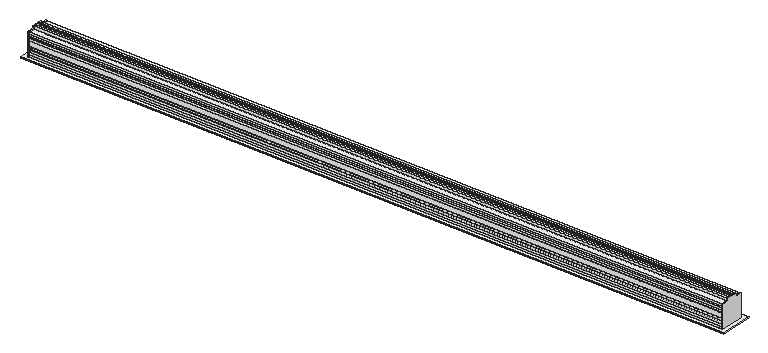
Revit family "STH20991BR_27_40_STH20991PTO_27", category Luminárias, Revit 2023
Family settings
  Hospedeiro = Forro
  Cota do conector redondo = Utilizar diâmetro
  Tipo de parte = Normal
  Número OmniClass = 23.80.70.11
  Título OmniClass = Luminaries for Internal Lighting
  Sempre na vertical = Sim
  Corte com vazios quando carregada = Não
  Fonte luminosa = Sim
  Manter orientação da anotação = Não
  Compartilhado = Não
  Ponto de cálculo do ambiente = Não
Parameters (values of type "STH20991BR/27 - BRANCO - 1m - 2700K - 1000lm - 100°")
  Ângulo de inclinação = 90.00°
  Ângulo de Abertura = "100°"
  Wattage = 6.7321 W
  URL = "https://stella.com.br/"
  Tensão Elétrica = "24V"
  Temperatura da cor (K) = 2700 K
  Referência = "STH20991BR/27 - BRANCO - 1m"
  Potência = 23 W
  built-in parameter 1150110 = 1 (stored number, unit not read)
  Modelo = "Archi"
  Luminoso = Luminoso - 2700K
  Largura = 0.046 m
  IRC (Índice de reprodução de cores) = ">93 (R9 >60)"
  Grau de proteção (IP) = "IP20"
  Fluxo Luminoso = 1000 lm
  built-in parameter 1114217 = 1 (stored number, unit not read)
  built-in parameter 1150109 = 1 (stored number, unit not read)
  Fabricante = "Stella"
  Estrutura = Al - Branco
  Elevação padrão = 0.00 m
  Dimerização = "Não dimerizável"
  built-in parameter 1150134 = (empty or 0)
  built-in parameter 1150113 = 1 (stored number, unit not read)
  Lumens = 1000 lm
  built-in parameter 1150115 = 1 (stored number, unit not read)
  built-in parameter 1150105 = 472.69 (stored number, unit not read)
  built-in parameter 1150137 = (empty or 0)
  built-in parameter 1150139 = (empty or 0)
  built-in parameter 1150112 = 1 (stored number, unit not read)
  built-in parameter 1150114 = 1 (stored number, unit not read)
  built-in parameter 1150132 = 2
  built-in parameter 1150102 = (empty or 0)
  built-in parameter 1150138 = (empty or 0)
  built-in parameter 1150107 = 2700 (stored number, unit not read)
  built-in parameter 1150106 = 4.7269 (stored number, unit not read)
  built-in parameter 1150104 = 13.8 (stored number, unit not read)
  Dimming Lamp Color Temperature Shift = (empty or 0)
  Color Filter = 16777215
  built-in parameter 1114218 = 1 (stored number, unit not read)
  Comprimento = 1.018 m
  Arquivo de rede fotométrica = "STELLA - STH20991BR-27 - PERFIL DE EMBUTIR RECUADO - ARCHI.ies"
  Altura = 0.036 m
  built-in parameter 1150133 = 10 (stored number, unit not read)
Types (4, lengths in m): name | Ângulo de Abertura | Wattage | Temperatura da cor (K) | Referência | Potência | Luminoso | Fluxo Luminoso | Estrutura | built-in parameter 1150134 | Lumens | built-in parameter 1150105 | built-in parameter 1150107 | built-in parameter 1150106 | Arquivo de rede fotométrica
  (no name) | "100°" | 6.7321 W | 2700 K | "STH20991BR/27 - BRANCO - 1m" | 23 W | Luminoso - 2700K | 1000 lm | Al - Branco | (empty or 0) | 1000 lm | 472.69 (stored number, unit not read) | 2700 (stored number, unit not read) | 4.7269 (stored number, unit not read) | "STELLA - STH20991BR-27 - PERFIL DE EMBUTIR RECUADO - ARCHI.ies"
  STH20991BR/27 - BRANCO - 1m - 2700K - 1000lm - 100° | "100°" | 6.7321 W | 2700 K | "STH20991BR/27 - BRANCO - 1m" | 23 W | Luminoso - 2700K | 1000 lm | Al - Branco | (empty or 0) | 1000 lm | 472.69 (stored number, unit not read) | 2700 (stored number, unit not read) | 4.7269 (stored number, unit not read) | "STELLA - STH20991BR-27 - PERFIL DE EMBUTIR RECUADO - ARCHI.ies"
  STH20991BR/40 - BRANCO - 1m - 4000K - 1000lm - 100° | "100°" | 6.7321 W | 4000 K | "STH20991BR/40 - BRANCO - 1m" | 23 W | Luminoso - 4000K | 1000 lm | Al - Branco | 12 | 1000 lm | 472.69 (stored number, unit not read) | 4000 (stored number, unit not read) | 4.7269 (stored number, unit not read) | "STELLA - STH20991BR-40 - PERFIL DE EMBUTIR RECUADO - ARCHI.ies"
  STH20991PTO/27 - PRETO - 1m - 2700K - 750lm - 90° | "90°" | 5.04908 W | 2700 K | "STH20991PTO/27 - PRETO - 1m" | 28 W | Luminoso - 2700K | 750 lm | Al - Preto | (empty or 0) | 750 lm | 347.65 (stored number, unit not read) | 2700 (stored number, unit not read) | 3.4765 (stored number, unit not read) | "STELLA - STH20991PTO-27 - ARCHI - PERFIL DE EMBUTIR RECUADO 24V .ies"
Reference planes (m)
  plane 1 "Eixo de origem da luz (F/T)": y = 0
  plane 2 "Forro": z = 2.4384
  plane 3 "Eixo de origem da luz (E/D)": x = 0
  plane 4 "Elevação da origem da luz": z = 2.43098
  plane 5: y = 0.023
  plane 6: y = -0.023
  plane 7: x = -0.509
  plane 8: x = 0.509
  plane 9 "Inferior": z = 2.4374
  plane 10 "Superior": z = 2.4734
  plane 11 "Base": z = 2.4384
  plane 12 "Conector": z = 2.4682
Forms (m)
  Extrusion 1, solid, material "Luminoso - 2700K" <- "Luminoso"
    sketch origin (0, -0.000002, 0) x (0, 1, 0) y (0, 0, 1)
      loop
        line (-0.013896, 2.448205) -> (-0.013896, 2.447123) -> (-0.015125, 2.447123)
        spline (-0.015125, 2.447123) -> (-0.015198, 2.447106) -> (-0.015266, 2.447056) -> (-0.015325, 2.446976) -> (-0.01537, 2.446873) -> (-0.015398, 2.446752) -> (-0.015408, 2.446623) -> (-0.015398, 2.446493) -> (-0.01537, 2.446373) -> (-0.015325, 2.446269) -> (-0.015266, 2.44619) -> (-0.015198, 2.44614) -> (-0.015125, 2.446123)
        line (-0.015125, 2.446123) -> (0.01513, 2.446123)
        spline (0.01513, 2.446123) -> (0.015203, 2.44614) -> (0.015271, 2.44619) -> (0.01533, 2.446269) -> (0.015375, 2.446373) -> (0.015403, 2.446493) -> (0.015413, 2.446623) -> (0.015403, 2.446752) -> (0.015375, 2.446873) -> (0.01533, 2.446976) -> (0.015271, 2.447056) -> (0.015203, 2.447106) -> (0.01513, 2.447123)
        line (0.01513, 2.447123) -> (0.013901, 2.447123) -> (0.013901, 2.448205)
        arc (0.013901, 2.448205) -> (0.014005, 2.448619) -> (0.014292, 2.448934) r 0.000875
        arc (0.014292, 2.448934) -> (0.014477, 2.449296) -> (0.01454, 2.449698) r 0.0013
        arc (0.01454, 2.449698) -> (0.014387, 2.450325) -> (0.013991, 2.450834) r 0.001541
        arc (0.013991, 2.450834) -> (0.013288, 2.450906) -> (0.013216, 2.450203) r 0.0005
        spline (0.013216, 2.450203) -> (0.013399, 2.450003) -> (0.013503, 2.449849) -> (0.013544, 2.449728) -> (0.013537, 2.449626) -> (0.013495, 2.449538) -> (0.013432, 2.449459) -> (0.013358, 2.449383) -> (0.013268, 2.449301) -> (0.013157, 2.449203) -> (0.013026, 2.449082) -> (0.012918, 2.44895) -> (0.012901, 2.44883)
        line (0.012901, 2.44883) -> (0.012901, 2.447123) -> (-0.012896, 2.447123) -> (-0.012896, 2.44883)
        spline (-0.012896, 2.44883) -> (-0.012913, 2.44895) -> (-0.013021, 2.449082) -> (-0.013152, 2.449203) -> (-0.013263, 2.449301) -> (-0.013353, 2.449383) -> (-0.013427, 2.449459) -> (-0.01349, 2.449538) -> (-0.013532, 2.449626) -> (-0.013539, 2.449728) -> (-0.013498, 2.449849) -> (-0.013394, 2.450003) -> (-0.013211, 2.450203)
        arc (-0.013211, 2.450203) -> (-0.013283, 2.450906) -> (-0.013986, 2.450834) r 0.0005
        arc (-0.013986, 2.450834) -> (-0.014382, 2.450325) -> (-0.014535, 2.449698) r 0.001541
        arc (-0.014535, 2.449698) -> (-0.014472, 2.449296) -> (-0.014287, 2.448934) r 0.0013
        arc (-0.014287, 2.448934) -> (-0.014, 2.448619) -> (-0.013896, 2.448205) r 0.000875
    from -0.5025 to 0.5025
  Extrusion 2, void
    sketch origin (0, -0.000002, 0) x (0, 1, 0) y (0, 0, 1)
      loop
        line (-0.016548, 2.440964) -> (-0.016548, 2.444841) -> (-0.017284, 2.445153) -> (-0.017284, 2.440651) -> (-0.016548, 2.440964)
      loop
        line (-0.016185, 2.452164) -> (-0.017284, 2.452458) -> (-0.017284, 2.447973) -> (-0.016185, 2.448267) -> (-0.016185, 2.452164)
      loop
        line (-0.016548, 2.462468) -> (-0.017284, 2.462812) -> (-0.017284, 2.459247) -> (-0.016548, 2.459591) -> (-0.016548, 2.462468)
      loop
        line (-0.016548, 2.465232) -> (-0.016548, 2.468109) -> (-0.017284, 2.468453) -> (-0.017284, 2.464888) -> (-0.016548, 2.465232)
      loop
        line (0.016552, 2.440964) -> (0.017289, 2.440651) -> (0.017289, 2.445153) -> (0.016552, 2.444841) -> (0.016552, 2.440964)
      loop
        line (0.01619, 2.452164) -> (0.01619, 2.448267) -> (0.017289, 2.447973) -> (0.017289, 2.452458) -> (0.01619, 2.452164)
      loop
        line (0.016552, 2.462468) -> (0.016552, 2.459591) -> (0.017289, 2.459247) -> (0.017289, 2.462812) -> (0.016552, 2.462468)
      loop
        line (0.016552, 2.465232) -> (0.017289, 2.464888) -> (0.017289, 2.468453) -> (0.016552, 2.468109) -> (0.016552, 2.465232)
    from -0.504 to 0.504
  Extrusion 3, solid, material "Al - Branco" <- "Estrutura"
    sketch origin (0, -0.000002, 0) x (0, 1, 0) y (0, 0, -1)
      loop
        line (0.016952, -2.4384) -> (-0.016948, -2.4384) -> (-0.016948, -2.4706) -> (-0.006598, -2.4706) -> (-0.006598, -2.47425) -> (0.006602, -2.47425) -> (0.006602, -2.4706) -> (0.016952, -2.4706) -> (0.016952, -2.4384)
    from 0.5025 to 0.504
  Extrusion 4, solid, material "Al - Branco" <- "Estrutura"
    sketch origin (0, -0.000002, 2.43098) x (0, -1, 0) y (1, 0, 0)
      loop
        line (-0.022652, -0.5096) -> (0.022648, -0.5096) -> (0.022648, 0.5096) -> (-0.022652, 0.5096) -> (-0.022652, -0.5096)
      loop
        line (0.015548, 0.5025) -> (-0.015552, 0.5025) -> (-0.015552, -0.5025) -> (0.015548, -0.5025) -> (0.015548, 0.5025)
    from 0.00642 to 0.00742
  Extrusion 5, void
    sketch origin (0, -0.000002, 2.43098) x (0, -1, 0) y (1, 0, 0)
      loop
        line (-0.022652, -0.5096) -> (0.022648, -0.5096) -> (0.022648, 0.5096) -> (-0.022652, 0.5096) -> (-0.022652, -0.5096)
    from 0.00642 to 0.04327
  Extrusion 6, solid, material "Al - Branco" <- "Estrutura"
    sketch origin (0, 0, 0) x (0, 1, 0) y (0, 0, 1)
      loop
        line (-0.01555, 2.4384) -> (-0.01555, 2.446706)
        arc (-0.01555, 2.446706) -> (-0.015385, 2.447105) -> (-0.014985, 2.447271) r 0.000565
        arc (-0.014985, 2.447271) -> (-0.014557, 2.447362) -> (-0.014202, 2.447619) r 0.001053
        arc (-0.014202, 2.447619) -> (-0.014037, 2.448117) -> (-0.014202, 2.448615) r 0.000834
        arc (-0.014202, 2.448615) -> (-0.014536, 2.449093) -> (-0.014687, 2.449655) r 0.001689
        arc (-0.014687, 2.449655) -> (-0.014536, 2.45032) -> (-0.014162, 2.450891) r 0.001917
        arc (-0.014162, 2.450891) -> (-0.013719, 2.451161) -> (-0.013199, 2.451178) r 0.001024
        spline (-0.013199, 2.451178) -> (-0.013133, 2.451199) -> (-0.013072, 2.451259) -> (-0.013019, 2.451355) -> (-0.012978, 2.45148) -> (-0.012953, 2.451625) -> (-0.012944, 2.451781) -> (-0.012953, 2.451937) -> (-0.012978, 2.452083) -> (-0.013019, 2.452208) -> (-0.013072, 2.452304) -> (-0.013133, 2.452364) -> (-0.013199, 2.452384)
        arc (-0.013199, 2.452384) -> (-0.013632, 2.452366) -> (-0.01405, 2.452255) r 0.002001
        arc (-0.01405, 2.452255) -> (-0.014656, 2.452565) -> (-0.0149, 2.4532) r 0.00095
        arc (-0.0149, 2.4532) -> (-0.014441, 2.454013) -> (-0.013507, 2.454041) r 0.00095
        arc (-0.013507, 2.454041) -> (-0.012967, 2.454208) -> (-0.013135, 2.454749) r 0.0004
        arc (-0.013135, 2.454749) -> (-0.013614, 2.454917) -> (-0.014121, 2.454942) r 0.00175
        line (-0.014121, 2.454942) -> (-0.01545, 2.454942) -> (-0.01545, 2.4682) -> (0.01545, 2.4682) -> (0.01545, 2.454942) -> (0.014121, 2.454942)
        arc (0.014121, 2.454942) -> (0.013614, 2.454917) -> (0.013135, 2.454749) r 0.00175
        arc (0.013135, 2.454749) -> (0.012967, 2.454208) -> (0.013507, 2.454041) r 0.0004
        arc (0.013507, 2.454041) -> (0.014441, 2.454013) -> (0.0149, 2.4532) r 0.00095
        arc (0.0149, 2.4532) -> (0.014656, 2.452565) -> (0.01405, 2.452255) r 0.00095
        arc (0.01405, 2.452255) -> (0.013632, 2.452366) -> (0.013199, 2.452384) r 0.002001
        spline (0.013199, 2.452384) -> (0.01313, 2.452362) -> (0.013065, 2.452295) -> (0.013011, 2.452189) -> (0.012971, 2.452053) -> (0.012949, 2.451895) -> (0.012945, 2.45173) -> (0.012961, 2.451568) -> (0.012994, 2.451422) -> (0.013044, 2.451304) -> (0.013105, 2.451221) -> (0.013173, 2.451182) -> (0.013243, 2.451187)
        arc (0.013243, 2.451187) -> (0.01374, 2.451154) -> (0.014162, 2.450891) r 0.001024
        arc (0.014162, 2.450891) -> (0.014536, 2.45032) -> (0.014687, 2.449655) r 0.001917
        arc (0.014687, 2.449655) -> (0.014536, 2.449093) -> (0.014202, 2.448615) r 0.001689
        arc (0.014202, 2.448615) -> (0.014037, 2.448117) -> (0.014202, 2.447619) r 0.000834
        arc (0.014202, 2.447619) -> (0.014557, 2.447362) -> (0.014985, 2.447271) r 0.001053
        arc (0.014985, 2.447271) -> (0.015385, 2.447105) -> (0.01555, 2.446706) r 0.000565
        line (0.01555, 2.446706) -> (0.01555, 2.4384) -> (0.01695, 2.4384) -> (0.01695, 2.4706) -> (0.0066, 2.4706) -> (0.0066, 2.47425) -> (0.003354, 2.47425) -> (0.002601, 2.47355) -> (0.002601, 2.47275) -> (0.00525, 2.47275) -> (0.00525, 2.47045) -> (-0.00525, 2.47045) -> (-0.00525, 2.47275) -> (-0.002601, 2.47275) -> (-0.002601, 2.47355) -> (-0.003354, 2.47425) -> (-0.0066, 2.47425) -> (-0.0066, 2.4706) -> (-0.01695, 2.4706) -> (-0.01695, 2.4384) -> (-0.01555, 2.4384)
    from -0.5025 to 0.5025
  Extrusion 7, solid, material "Al - Branco" <- "Estrutura"
    sketch origin (0, -0.000002, 0) x (0, 1, 0) y (0, 0, 1)
      loop
        line (0.016952, 2.4384) -> (0.016952, 2.4706) -> (0.006602, 2.4706) -> (0.006602, 2.47425) -> (-0.006598, 2.47425) -> (-0.006598, 2.4706) -> (-0.016948, 2.4706) -> (-0.016948, 2.4384) -> (0.016952, 2.4384)
    from 0.5025 to 0.504
Cuts and joins
  Extrusion 2 cuts Extrusion 3
  joined: Extrusion 3, Extrusion 4
  Extrusion 2 cuts Extrusion 6
  Extrusion 2 cuts Extrusion 7
Dimensions and locks (m)
  equal spacing: host sketch curve, plane 3 "Eixo de origem da luz (E/D)", host sketch curve
  equal spacing: host sketch curve, plane 1 "Eixo de origem da luz (F/T)", host sketch curve
  host sketch curve to host sketch curve = 1.028 m
  host sketch curve to host sketch curve = 0.056 m
  "Altura": plane 10 "Superior" to plane 9 "Inferior"
  "Comprimento": plane 7 to plane 8
  "Largura": plane 5 to plane 6
  aligned and locked: plane 4 "Elevação da origem da luz" to imposter light
  aligned and locked: host ceiling to Extrusion 4
  aligned and locked: Extrusion 4 to plane 9 "Inferior"
  aligned and locked: cut or joined group of Extrusion 2, Extrusion 6 to Extrusion 1
  aligned and locked: Extrusion 1 to cut or joined group of Extrusion 2, Extrusion 3, Extrusion 4
Automatic sketch dimensions
  plane 6 to Extrusion 2 sketch curve = 0.005714 m  (x3)
  Extrusion 2 sketch curve to Extrusion 2 sketch curve = 0.00 m  (x2)
  Extrusion 2 sketch curve to Extrusion 2 sketch curve = 0.000736 m  (x6)
  plane 2 "Forro" to Extrusion 2 sketch curve = 0.002564 m  (x2)
  Extrusion 2 sketch curve to Extrusion 2 sketch curve = 0.001099 m  (x2)
  Extrusion 2 sketch curve to plane 5 = 0.006812 m
  Extrusion 2 sketch curve to plane 5 = 0.00645 m  (x2)
  Extrusion 2 sketch curve to Extrusion 2 sketch curve = 0.000313 m  (x4)
  Extrusion 2 sketch curve to Extrusion 2 sketch curve = 0.003877 m  (x2)
  Extrusion 2 sketch curve to Extrusion 2 sketch curve = 0.00282 m  (x2)
  Extrusion 2 sketch curve to Extrusion 2 sketch curve = 0.000294 m  (x4)
  Extrusion 2 sketch curve to Extrusion 2 sketch curve = 0.003896 m  (x2)
  Extrusion 2 sketch curve to Extrusion 2 sketch curve = 0.006789 m  (x2)
  Extrusion 2 sketch curve to Extrusion 2 sketch curve = 0.000343 m  (x8)
  Extrusion 2 sketch curve to Extrusion 2 sketch curve = 0.002878 m  (x4)
  Extrusion 2 sketch curve to Extrusion 2 sketch curve = 0.002076 m  (x2)
  Extrusion 3 sketch curve to plane 2 "Forro" = 0.00 m
  plane 6 to Extrusion 3 sketch curve = 0.00605 m
  Extrusion 3 sketch curve to plane 10 "Superior" = 0.0028 m  (x2)
  plane 1 "Eixo de origem da luz (F/T)" to Extrusion 3 sketch curve = 0.0066 m
  plane 10 "Superior" to Extrusion 3 sketch curve = 0.00085 m
  Extrusion 3 sketch curve to plane 1 "Eixo de origem da luz (F/T)" = 0.0066 m
  Extrusion 3 sketch curve to plane 5 = 0.00605 m
  Extrusion 4 sketch curve to plane 5 = 0.00035 m
  Extrusion 4 sketch curve to plane 5 = 0.00745 m
  plane 6 to Extrusion 4 sketch curve = 0.00745 m
  plane 6 to Extrusion 4 sketch curve = 0.00035 m
  Extrusion 4 sketch curve to plane 7 = 0.0006 m
  plane 7 to Extrusion 4 sketch curve = 0.0065 m
  Extrusion 4 sketch curve to plane 8 = 0.0065 m
  plane 8 to Extrusion 4 sketch curve = 0.0006 m
  Extrusion 5 sketch curve to plane 5 = 0.00035 m
  plane 6 to Extrusion 5 sketch curve = 0.00035 m
  Extrusion 5 sketch curve to plane 7 = 0.0006 m
  plane 8 to Extrusion 5 sketch curve = 0.0006 m
  Extrusion 6 sketch curve to Extrusion 6 sketch curve = 0.00 m  (x19)
  Extrusion 6 sketch curve to plane 2 "Forro" = 0.00 m  (x2)
  Extrusion 6 sketch curve to plane 10 "Superior" = 0.0028 m  (x2)
  plane 6 to Extrusion 6 sketch curve = 0.00605 m
  Extrusion 6 sketch curve to Extrusion 6 sketch curve = 0.0014 m
  plane 6 to Extrusion 6 sketch curve = 0.00755 m
  Extrusion 6 sketch curve to Extrusion 6 sketch curve = 0.000565 m
  Extrusion 6 sketch curve to Extrusion 6 sketch curve = 0.000114 m  (x2)
  Extrusion 6 sketch curve to Extrusion 6 sketch curve = 0.001329 m  (x2)
  Extrusion 6 sketch curve to Extrusion 6 sketch curve = 0.000171 m
  Extrusion 6 sketch curve to Extrusion 6 sketch curve = 0.00156 m
  Extrusion 6 sketch curve to Extrusion 6 sketch curve = 0.000094 m  (x2)
  Extrusion 6 sketch curve to Extrusion 6 sketch curve = 0.0008 m  (x2)
  Extrusion 6 sketch curve to Extrusion 6 sketch curve = 0.000421 m
  Extrusion 6 sketch curve to Extrusion 6 sketch curve = 0.000233 m  (x2)
  plane 10 "Superior" to Extrusion 6 sketch curve = 0.00085 m  (x2)
  plane 1 "Eixo de origem da luz (F/T)" to Extrusion 6 sketch curve = 0.0066 m
  Extrusion 6 sketch curve to Extrusion 6 sketch curve = 0.00135 m  (x2)
  Extrusion 6 sketch curve to Extrusion 6 sketch curve = 0.001896 m  (x2)
  plane 10 "Superior" to Extrusion 6 sketch curve = 0.00015 m  (x2)
  Extrusion 6 sketch curve to Extrusion 6 sketch curve = 0.000754 m  (x2)
  Extrusion 6 sketch curve to plane 10 "Superior" = 0.00065 m  (x2)
  Extrusion 6 sketch curve to plane 1 "Eixo de origem da luz (F/T)" = 0.002601 m
  Extrusion 6 sketch curve to plane 5 = 0.010229 m
  Extrusion 6 sketch curve to Extrusion 6 sketch curve = 0.000317 m
  Extrusion 6 sketch curve to Extrusion 6 sketch curve = 0.000327 m
  Extrusion 6 sketch curve to Extrusion 6 sketch curve = 0.000629 m
  Extrusion 6 sketch curve to Extrusion 6 sketch curve = 0.001866 m
  Extrusion 6 sketch curve to plane 5 = 0.00745 m
  Extrusion 6 sketch curve to Extrusion 6 sketch curve = 0.0015 m
  plane 2 "Forro" to Extrusion 6 sketch curve = 0.008306 m  (x2)
  Extrusion 6 sketch curve to Extrusion 6 sketch curve = 0.000847 m  (x2)
  Extrusion 6 sketch curve to Extrusion 6 sketch curve = 0.000207 m  (x2)
  Extrusion 6 sketch curve to Extrusion 6 sketch curve = 0.001247 m  (x2)
  Extrusion 6 sketch curve to Extrusion 6 sketch curve = 0.000236 m  (x2)
  Extrusion 6 sketch curve to Extrusion 6 sketch curve = 0.000373 m  (x2)
  Extrusion 6 sketch curve to Extrusion 6 sketch curve = 0.000208 m  (x2)
  Extrusion 6 sketch curve to Extrusion 6 sketch curve = 0.002812 m  (x2)
  Extrusion 6 sketch curve to Extrusion 6 sketch curve = 0.001195 m  (x2)
  Extrusion 6 sketch curve to Extrusion 6 sketch curve = 0.000547 m
  Extrusion 6 sketch curve to Extrusion 6 sketch curve = 0.001742 m
  Extrusion 6 sketch curve to plane 10 "Superior" = 0.0052 m
  Extrusion 6 sketch curve to Extrusion 6 sketch curve = 0.0023 m
  Extrusion 6 sketch curve to Extrusion 6 sketch curve = 0.00095 m
  Extrusion 6 sketch curve to Extrusion 6 sketch curve = 0.000298 m
  Extrusion 6 sketch curve to Extrusion 6 sketch curve = 0.000668 m  (x4)
  Extrusion 6 sketch curve to Extrusion 6 sketch curve = 0.000831 m
  Extrusion 6 sketch curve to Extrusion 6 sketch curve = 0.0001 m
  Extrusion 6 sketch curve to Extrusion 6 sketch curve = 0.000132 m
  Extrusion 6 sketch curve to Extrusion 6 sketch curve = 0.000751 m
  Extrusion 6 sketch curve to Extrusion 6 sketch curve = 0.000044 m
  Extrusion 6 sketch curve to Extrusion 6 sketch curve = 0.00085 m
  Extrusion 6 sketch curve to Extrusion 6 sketch curve = 0.000919 m
  Extrusion 6 sketch curve to Extrusion 6 sketch curve = 0.000485 m
  Extrusion 6 sketch curve to Extrusion 6 sketch curve = 0.000594 m
  Extrusion 7 sketch curve to plane 2 "Forro" = 0.00 m
  plane 6 to Extrusion 7 sketch curve = 0.00605 m
  Extrusion 7 sketch curve to plane 10 "Superior" = 0.0028 m  (x2)
  plane 1 "Eixo de origem da luz (F/T)" to Extrusion 7 sketch curve = 0.0066 m
  plane 10 "Superior" to Extrusion 7 sketch curve = 0.00085 m
  Extrusion 7 sketch curve to plane 1 "Eixo de origem da luz (F/T)" = 0.0066 m
  Extrusion 7 sketch curve to plane 5 = 0.00605 m
  plane 6 to Extrusion 1 sketch curve = 0.007872 m
  Extrusion 1 sketch curve to Extrusion 1 sketch curve = 0.000354 m  (x2)
  Extrusion 1 sketch curve to Extrusion 1 sketch curve = 0.001229 m
  Extrusion 1 sketch curve to Extrusion 1 sketch curve = 0.000297 m
  Extrusion 1 sketch curve to Extrusion 1 sketch curve = 0.000363 m
  Extrusion 1 sketch curve to Extrusion 1 sketch curve = 0.000388 m  (x3)
  Extrusion 1 sketch curve to Extrusion 1 sketch curve = 0.000241 m  (x2)
  Extrusion 1 sketch curve to Extrusion 1 sketch curve = 0.001 m  (x4)
  Extrusion 1 sketch curve to plane 5 = 0.010101 m
  Extrusion 1 sketch curve to Extrusion 1 sketch curve = 0.000098 m
  Extrusion 1 sketch curve to Extrusion 1 sketch curve = 0.000216 m
  Extrusion 1 sketch curve to Extrusion 1 sketch curve = 0.000875 m
  plane 2 "Forro" to Extrusion 1 sketch curve = 0.007723 m
  Extrusion 1 sketch curve to Extrusion 1 sketch curve = 0.00 m
  Extrusion 1 sketch curve to Extrusion 1 sketch curve = 0.001082 m  (x2)
  Extrusion 1 sketch curve to Extrusion 1 sketch curve = 0.000624 m  (x2)
  Extrusion 1 sketch curve to Extrusion 1 sketch curve = 0.000825 m  (x2)
  Extrusion 1 sketch curve to Extrusion 1 sketch curve = 0.000043 m  (x2)
  Extrusion 1 sketch curve to Extrusion 1 sketch curve = 0.000505 m  (x2)
  Extrusion 1 sketch curve to Extrusion 1 sketch curve = 0.000316 m  (x2)
  Extrusion 1 sketch curve to Extrusion 1 sketch curve = 0.000937 m
Connectors (m)
  electrical at (0, 0, 2.4682)
    settings: index 1, voltage 0 V, apparent load 0 VA, apparent load phase1 0 VA, apparent load phase2 0 VA, apparent load phase3 0 VA, power factor 1, load classification "Outro", number of poles 1, system type 14, power factor state 1, is connector primary yes, connector utility no, sub classification motor no, connector description ""
